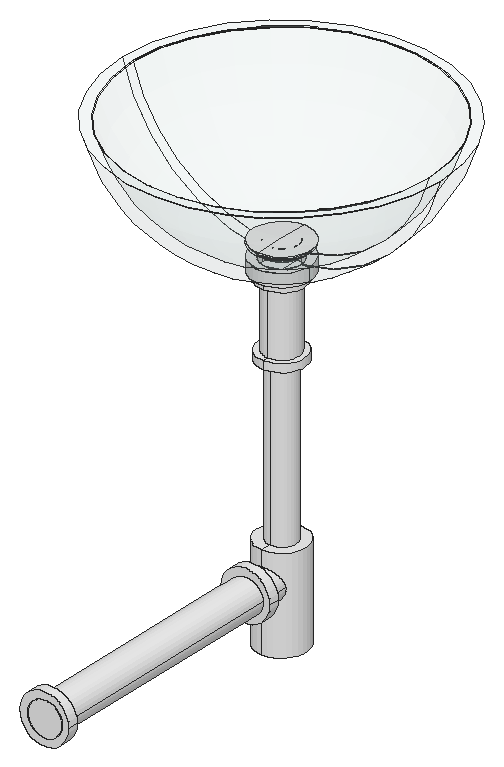
Revit family "Sink-Bathroom-Above_Counter_Installation-Glass", category Plumbing Fixtures, Revit 2012
Parameters (values of type "14" x 14"_Satin Nickel")
  WarrantyStartDate = ""
  WarrantyDuration = 0
  URL = "http://www.kraususa.com/"
  TypeName = 0' - 0"
  TagNumber = 0
  Sink_Mounting Ring Material = Satin Nickel_Solid Brass
  Sink_Installation height = 2' - 0"
  Sink_Dia = Semidiameter * 2  # 1' - 2"
  Sink_Connector installation height = 1' - 0"
  Sink Material = Glass_Green_Tempered glass
  SerialNumber = 0
  Semidiameter = 0' - 7"
  P Drain_material = Satin Nickel_Solid Brass
  Name = "Glass Vessel Bathroom Sink With PU-MR"
  Model = ""
  Manufacturer = "Kraus"
  InstallationDate = ""
  Identifier = ""
  Drain_Tailpiece Length = Sink_Installation height - Sink_Connector installation height  # 1' - 0"
  Drain_Extension Length = 1' - 0"
  Drain_Cover plate installation = 0' - 0 15/16"
  Description = "Add a touch of elegance to your bathroom with a Kraus clear glass vessel sink. Handcrafted from tempered glass, this modern bathroom sink coordinates with a variety of décor styles. A freestanding basin design creates a dramatic look with contemporary appeal. The smooth, polished surface is beautiful and requires minimal maintenance to keep clean. This versatile sink can be installed above-counter or semi-recessed for all your stylish bathroom ideas."
  Current_version = "2"
  Created_on = "17.02.2015"
  Created_by = "http://bimservice.com.ua/"
  Barcode = 0
  Author = "Viktor Kiselev"
  AssetIdentifier = ""
  Assembly Code = "D2010400"
Types (5): name | Sink_Mounting Ring Material | Sink_Installation height | Sink_Connector installation height | P Drain_material | Drain_Tailpiece Length | Current_version
  (no name) | Satin Nickel_Solid Brass | 2' - 0" | 1' - 0" | Satin Nickel_Solid Brass | 1' - 0" | "2"
  14" x 14"_Satin Nickel | Satin Nickel_Solid Brass | 2' - 0" | 1' - 0" | Satin Nickel_Solid Brass | 1' - 0" | "2"
  14" x 14"_Chrome | Chrome_Solid Brass | 2' - 4" | 1' - 6" | Chrome_Chrome_Solid Brass | 0' - 10" | "1"
  14" x 14"_Gold | Gold_Solid Brass | 2' - 4" | 1' - 6" | Gold_Solid Brass | 0' - 10" | "1"
  14" x 14"_Oil Rubbed Bronze | Oil Rubbed Bronze_Solid Brass | 2' - 4" | 1' - 6" | Oil Rubbed Bronze_Solid Brass | 0' - 10" | "1"
Reference planes (in)
  plane 1 "Center (Front/Back)": y = 0
  plane 2: z = 0
  plane 3 "Center (Left/Right)": x = 0
  plane 4: z = 24
  plane 5: x = -7
  plane 6: x = 7
  plane 7: y = -7
  plane 8: y = 7
Forms (in)
  Extrusion 1, solid, material "Glass_Green_Tempered glass"
    sketch origin (0, 0, 10.27541) x (1, 0, 0) y (0, 1, 0)
      loop
        circle (0, 0) r 7
    from 14.17126 to 19.67126
  Revolve 2, void
    sketch origin (0, 0, -6.22459) x (1, 0, 0) y (0, 0, 1)
      loop
        line (-7, 36.17126) -> (-7, 30.67126) -> (0, 30.67126)
        arc (0, 30.67126) -> (-4.45112, 32.21074) -> (-7, 36.17126) r 7.20455
      axis (0, 30.67126) -> (0, 36.17126)
    angle from 0 to 360
  Revolve 3, void
    sketch origin (0, 0, -6.22459) x (1, 0, 0) y (0, 0, 1)
      loop
        arc (-6.51964, 36.14347) -> (-4.5828, 32.96187) -> (-1.25482, 31.28899) r 6.76052
        arc (-1.25482, 31.28899) -> (-1.03694, 31.18503) -> (-0.875, 31.00599) r 0.62251
        line (-0.875, 31.00599) -> (-0.875, 28.67126) -> (0, 28.67126) -> (0, 31.22838) -> (0, 36.17126) -> (-6.55318, 36.17126)
        arc (-6.55318, 36.17126) -> (-6.53244, 36.16216) -> (-6.51964, 36.14347) r 0.04118
      axis (0, 36.17126) -> (0, 28.67126)
    angle from 0 to 360
  Revolve 4, solid, material "Satin Nickel_Solid Brass" <- "Sink_Mounting Ring Material"
    sketch origin (0, 0, -6.24891) x (1, 0, 0) y (0, 0, 1)
      loop
        arc (-0.875, 30.74891) -> (-1.06289, 30.77433) -> (-1.25, 30.80495) r 6.84643
        line (-1.25, 30.80495) -> (-1.25, 30.24891) -> (-0.875, 30.24891) -> (-0.875, 30.74891)
      axis (0, 30.24891) -> (0, 30.80495)
    angle from 0 to 360
Cuts and joins
  Revolve 2, Revolve 3 cuts Extrusion 1
Dimensions and locks (in)
  "Sink_Installation height": plane 4 to level
  locked: Extrusion 1 to Extrusion 1 at 5.5
  locked: Revolve 3 sketch curve to Revolve 3 sketch curve at 0.875
  locked: Revolve 4 sketch curve to Revolve 4 sketch curve at 0.375
  locked: Revolve 4 to Revolve 4 at 0.55604
  locked: cut or joined group of Extrusion 1, Revolve 2, Revolve 3 to plane 4 at 5.94667
  equal spacing: plane 5, plane 3 "Center (Left/Right)", plane 6
  equal spacing: plane 8, plane 1 "Center (Front/Back)", plane 7
  "Sink_Connector installation height": connector elem to level
  "Sink_Dia": plane 5 to plane 6
  "Sink_Dia": plane 7 to plane 8
  "Sink_Installation height": nested 1 to level
  "Semidiameter": radius of Extrusion 1 sketch curve
  aligned and locked: level to plane 2
  aligned and locked: plane 4 to Revolve 4
  aligned and locked: plane 5 to Revolve 2 sketch curve
  aligned and locked: connector elem to nested 1
Automatic sketch dimensions
  plane 1 "Center (Front/Back)" to Extrusion 1 sketch curve = 0' - 0"
  Extrusion 1 sketch curve to plane 3 "Center (Left/Right)" = 0' - 0"
  Revolve 2 sketch curve to plane 3 "Center (Left/Right)" = 0' - 0"  (x2)
  Revolve 2 sketch curve to plane 4 = 0' - 0.44667"
  Revolve 2 sketch curve to Revolve 2 sketch curve = 0' - 5 1/2"
  Revolve 2 sketch curve to Revolve 2 sketch curve = 0' - 0.45455"
  Revolve 2 sketch curve to Revolve 2 sketch curve = 0' - 4.79545"
  Revolve 3 sketch curve to plane 3 "Center (Left/Right)" = 0' - 0"  (x3)
  Revolve 3 sketch curve to Revolve 3 sketch curve = 0' - 0.37982"
  Revolve 3 sketch curve to Revolve 3 sketch curve = 0' - 0.53388"
  Revolve 3 sketch curve to Revolve 3 sketch curve = 0' - 0.03354"
  Revolve 3 sketch curve to Revolve 3 sketch curve = 0' - 0.00552"
  Revolve 3 sketch curve to level = 2' - 0.05651"
  plane 4 to Revolve 3 sketch curve = 0' - 1.55333"
  Revolve 3 sketch curve to Revolve 3 sketch curve = 0' - 2.01458"
  Revolve 3 sketch curve to Revolve 3 sketch curve = 0' - 0.32014"
  Revolve 3 sketch curve to Revolve 3 sketch curve = 0' - 0.22239"
  Revolve 3 sketch curve to Revolve 3 sketch curve = 0' - 4.84147"
  Revolve 3 sketch curve to Revolve 3 sketch curve = 0' - 0.01301"
  Revolve 3 sketch curve to Revolve 3 sketch curve = 5' - 10.33739"
  Revolve 4 sketch curve to plane 4 = 0' - 0"
  Revolve 4 sketch curve to plane 3 "Center (Left/Right)" = 0' - 0"
  Revolve 4 sketch curve to plane 3 "Center (Left/Right)" = 0' - 0.05107"
  Revolve 4 sketch curve to plane 4 = 0' - 0 1/2"
  Revolve 4 sketch curve to plane 3 "Center (Left/Right)" = 0' - 0 7/8"
  Revolve 4 sketch curve to Revolve 4 sketch curve = 0' - 0"  (x2)
  Revolve 4 sketch curve to Revolve 4 sketch curve = 0' - 0.05604"
  Revolve 4 sketch curve to Revolve 4 sketch curve = 0' - 0.86904"
  Revolve 4 sketch curve to Revolve 4 sketch curve = 0' - 1.04635"
  Revolve 3 sketch curve to plane 5 = 0' - 0.48036"
Nested families (in)
  nested 1: "P-Trap And Pop Up Drain" at (0, 0, 0) x (0, -1, 0) z (0, 0, 1), type "P-Trap And Pop Up Drain"
    with Sink_Connector installation height 1' - 0", Drain_Tailpiece Length 1' - 0"
Connectors (in)
  piping at (0, -7, 12)
    settings: on plane 7, index 4, connector radius 22.225 mm, flow factor 0, pipe flow 0.0 L/s, pressure drop 0.0 Pa, fitting loss kfactor 0, connector angle 0.00°, fixture units 0, engagement length 0' - 0", flow configuration 0, flow direction 0, fitting loss method 0, system type 19, joint type 0, gender type 0, connector reference index -1, connector utility 0, adjustable connector no, is connector primary yes, fitting loss table "", connector description ""
Definition of nested family "P-Trap And Pop Up Drain"
  Parameters (values of type "P-Trap And Pop Up Drain")
    WarrantyStartDate = ""
    WarrantyDuration = 0
    TypeName = 0' - 0"
    TagNumber = 0
    Sink_Connector installation height = 1' - 6"
    SerialNumber = 0
    P Drain_material = Satin Nickel_Solid Brass
    Name = ""
    InstallationDate = ""
    Identifier = ""
    Drain_Tailpiece Length = 0' - 8 5/8"
    Drain_Extension Length = 1' - 0"
    Drain_Cover plate installation = 0' - 0 15/16"
    Default Elevation = 4' - 0"
    Current_version = "1"
    Created_on = "17.02.2015"
    Created_by = "http://bimservice.com.ua/"
    Barcode = 0
    Author = "Viktor Kiselev"
    AssetIdentifier = ""
  Reference planes (in)
    plane 1 "Center (Front/Back)": y = 0
    plane 2: z = 0
    plane 3 "Center (Left/Right)": x = 0
    plane 4: z = 15.26299
    plane 5: z = 18
    plane 6: x = 1.07983
  Forms (in)
    Revolve 1, solid, material "Satin Nickel_Solid Brass" <- "P Drain_material"
      sketch origin (0, 0, 0.54483) x (1, 0, 0) y (0, 0, 1)
        loop
          line (-0.70098, 27.28762) -> (-0.70098, 27.15134) -> (-1.14535, 27.15134) -> (-1.01167, 27.01767) -> (0, 27.01767) -> (0, 27.35715)
          arc (0, 27.35715) -> (-0.62605, 27.3412) -> (-1.25, 27.28762) r 10.40532
          line (-1.25, 27.28762) -> (-0.70098, 27.28762)
        axis (0, 27.01767) -> (0, 27.35715)
      angle from 0 to 360
    Revolve 2, solid, material "Satin Nickel_Solid Brass" <- "P Drain_material"
      sketch origin (0, 0, 0) x (1, 0, 0) y (0, 0, 1)
        loop
          line (0, 26.625) -> (-1, 26.625) -> (-1, 26.28018) -> (-0.75, 26.28018) -> (-0.75, 23.46982) -> (-1, 23.46982) -> (-1, 23.125) -> (0, 23.125) -> (0, 26.625)
        axis (0, 26.625) -> (0, 23.125)
      angle from 0 to 360
    Revolve 3, solid, material "Satin Nickel_Solid Brass" <- "P Drain_material"
      sketch origin (0, 0, 0.01562) x (1, 0, 0) y (0, 0, 1)
        loop
          line (0, 23.10937) -> (-0.625, 23.10937) -> (-0.625, 19.37237) -> (0, 19.37237) -> (0, 23.10937)
        axis (0, 19.37237) -> (0, 23.10937)
      angle from 0 to 360
    Revolve 4, solid, material "Satin Nickel_Solid Brass" <- "P Drain_material"
      sketch origin (0, 0, -6.37279) x (1, 0, 0) y (0, 0, 1)
        loop
          line (-1.07983, 25.76079) -> (-1.07983, 21.63579) -> (0, 21.63579) -> (0, 25.76079) -> (-1.07983, 25.76079)
        axis (0, 21.63579) -> (0, 25.76079)
      angle from 0 to 360
    Extrusion 5, solid, material "Satin Nickel_Solid Brass" <- "P Drain_material"
      sketch origin (0, 0.0174, -18.57062) x (0, 1, 0) y (0, 0, 1)
        loop
          circle (0, 36.57062) r 0.75
      from 0.70555 to 13.07983
    Extrusion 6, solid, material "Satin Nickel_Solid Brass" <- "P Drain_material"
      sketch origin (0, 0, 0) x (0, 1, 0) y (0, 0, 1)
        loop
          circle (0.0174, 18) r 0.75
        loop
          circle (0, 18) r 1.08364
      from 12.64865 to 13.07983
    Extrusion 7, solid, material "Satin Nickel_Solid Brass" <- "P Drain_material"
      sketch origin (-11.07983, 0, 0) x (0, 1, 0) y (0, 0, 1)
        loop
          circle (0.0174, 18) r 0.75
        loop
          circle (0, 18) r 1.08364
      from 12.64865 to 13.07983
  Dimensions and locks (in)
    Revolve 2 to Revolve 2 = 0' - 1 1/2"
    "Drain_Cover plate installation": Revolve 1 to Revolve 2
    locked: Revolve 2 sketch curve to Revolve 2 sketch curve at 0.34482  (x2)
    "Sink_Connector installation height": plane 5 to level
    locked: Revolve 4 sketch curve to plane 4 at 4.125
    locked: plane 5 to plane 4 at 2.73701
    "Drain_Tailpiece Length": Revolve 2 to plane 5
    "Drain_Extension Length": plane 6 to Extrusion 5
    locked: Extrusion 5 to plane 6 at 0.37429
    locked: Revolve 2 sketch curve to Revolve 2 sketch curve at 3.5
    locked: Extrusion 6 to Extrusion 6 at 0.43118
    locked: Extrusion 7 to Extrusion 7 at 0.43118
    locked: plane 3 "Center (Left/Right)" to Extrusion 7 at 1.56882
    locked: Extrusion 7 to connector elem at 1.08364
    aligned and locked: level to plane 2
    aligned and locked: Revolve 4 to Revolve 3
    aligned and locked: plane 5 to Extrusion 5
    aligned and locked: plane 6 to Revolve 4
    aligned and locked: Revolve 2 to Revolve 3
    aligned and locked: Extrusion 6 to Extrusion 5
  Automatic sketch dimensions
    Revolve 1 sketch curve to plane 3 "Center (Left/Right)" = 0' - 0"  (x2)
    Revolve 1 sketch curve to plane 3 "Center (Left/Right)" = 0' - 0.04817"
    Revolve 1 sketch curve to plane 3 "Center (Left/Right)" = 0' - 0.70098"
    Revolve 1 sketch curve to Revolve 1 sketch curve = 0' - 0.3107"
    Revolve 1 sketch curve to Revolve 1 sketch curve = 0' - 0.13367"  (x2)
    Revolve 1 sketch curve to Revolve 1 sketch curve = 0' - 0.10465"
    Revolve 1 sketch curve to plane 5 = 0' - 0.50322"
    Revolve 1 sketch curve to Revolve 1 sketch curve = 0' - 10.06572"
    Revolve 1 sketch curve to Revolve 1 sketch curve = 0' - 0.13628"
    Revolve 1 sketch curve to Revolve 1 sketch curve = 0' - 0.3094"
    Revolve 1 sketch curve to Revolve 1 sketch curve = 0' - 1.09014"
    Revolve 2 sketch curve to plane 3 "Center (Left/Right)" = 0' - 0"  (x2)
    Revolve 2 sketch curve to plane 3 "Center (Left/Right)" = 0' - 0 3/4"
    Revolve 2 sketch curve to Revolve 2 sketch curve = 0' - 0 1/4"  (x2)
    plane 5 to Revolve 2 sketch curve = 0' - 5 1/8"
    Revolve 2 sketch curve to Revolve 2 sketch curve = 0' - 0.19208"
    Revolve 2 sketch curve to Revolve 2 sketch curve = 0' - 0.55792"
    Revolve 3 sketch curve to plane 3 "Center (Left/Right)" = 0' - 0"  (x2)
    Revolve 3 sketch curve to plane 3 "Center (Left/Right)" = 0' - 0 5/8"
    plane 5 to Revolve 3 sketch curve = 0' - 1.38799"
    Revolve 3 sketch curve to Revolve 3 sketch curve = 0' - 3.73701"
    Revolve 3 sketch curve to Revolve 3 sketch curve = 0' - 0.36045"
    Revolve 3 sketch curve to Revolve 3 sketch curve = 0' - 0.90353"
    Revolve 4 sketch curve to plane 4 = 0' - 0"
    Revolve 4 sketch curve to plane 3 "Center (Left/Right)" = 0' - 0"  (x2)
    Revolve 4 sketch curve to Revolve 4 sketch curve = 0' - 1.07983"
    Revolve 4 sketch curve to Revolve 4 sketch curve = 0' - 0 1/2"
    Revolve 4 sketch curve to Revolve 4 sketch curve = 0' - 1.09051"
    Extrusion 5 sketch curve to plane 5 = 0' - 0"
    Extrusion 5 sketch curve to plane 1 "Center (Front/Back)" = 0' - 0.0174"
    Extrusion 6 sketch curve to Extrusion 6 sketch curve = 0' - 0"  (x2)
    Extrusion 6 sketch curve to plane 5 = 0' - 0"  (x2)
    Extrusion 6 sketch curve to plane 1 "Center (Front/Back)" = 0' - 0"
    plane 1 "Center (Front/Back)" to Extrusion 6 sketch curve = 0' - 0.7326"
    Extrusion 6 sketch curve to plane 1 "Center (Front/Back)" = 0' - 0.0174"
    Extrusion 7 sketch curve to Extrusion 7 sketch curve = 0' - 0"  (x2)
    Extrusion 7 sketch curve to plane 5 = 0' - 0"  (x2)
    Extrusion 7 sketch curve to plane 1 "Center (Front/Back)" = 0' - 0"
    plane 1 "Center (Front/Back)" to Extrusion 7 sketch curve = 0' - 0.7326"
    Extrusion 7 sketch curve to plane 1 "Center (Front/Back)" = 0' - 0.0174"
    radius of Extrusion 5 sketch curve = 0' - 0 3/4"
    radius of Extrusion 6 sketch curve = 0' - 1.08364"
    radius of Extrusion 7 sketch curve = 0' - 1.08364"
  Connectors (in)
    piping at (13.07983, 0, 18)
      settings: on Extrusion 6, index 1, connector radius 44.45 mm, flow factor 0, pipe flow 0.0 L/s, pressure drop 0.0 Pa, fitting loss kfactor 0, connector angle 0.00°, fixture units 0, engagement length 0' - 0", flow configuration 0, flow direction 0, fitting loss method 0, system type 7, joint type 0, gender type 0, connector reference index -1, connector utility 0, adjustable connector no, is connector primary yes, fitting loss table "", connector description ""
